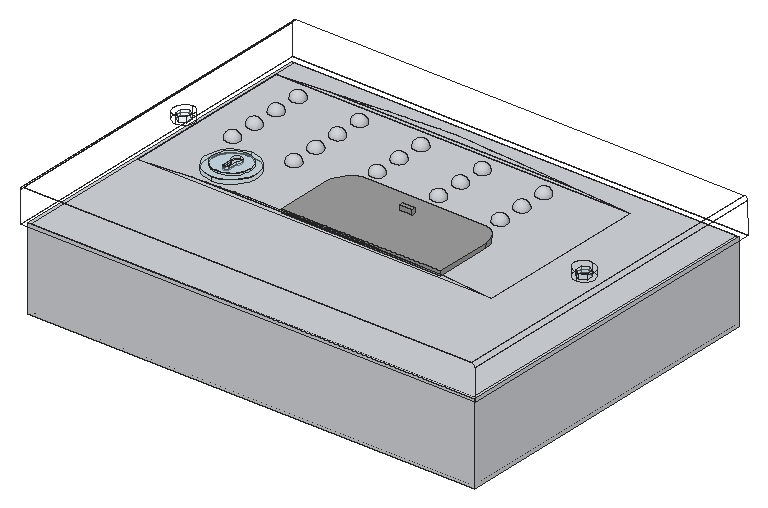
Revit family "Maxlogic Блок индикации системы пожаротушения", category Fire Alarm Devices, host Face, Revit 2021
Family settings
  Host = Face
  Maintain Annotation Orientation = Yes
  Round Connector Dimension = Use Diameter
  Part Type = Normal
  OmniClass Number = 23.85.30.21
  OmniClass Title = Environmental Detection/Registration
  Cut with Voids When Loaded = No
  Shared = No
  Room Calculation Point = No
Parameters (values of type "Maxlogic Блок индикации системы пожаротушения, вкл. Ключ управления режимами и ручной пуск")
  Вес = "(~) 500 гр."
  Монтажный короб для установки извещателя с поверхностной прокладкой кабеля = ""
  Гарантийный срок = "Года"
  Гарантийный срок запчастей = "2"
  Гарантия срока службы = "2"
  Версия = ""
  URL = "https://www.mavili.com.tr/"
  Монтажный комплект для установки извещателя в подвесной потолок = ""
  Номер позы общественных работ = ""
  Класс защиты = ""
  Код продукта = "ML-3313"
  Номер телефона = "(+)90 216 466 45 05"
  Рабочее напряжение (по умолчанию) = "24 В Пост. ток"
  Диапазон рабочего напряжения = ""
  Рабочая Температура = "(-10°C) - (+55°C)"
  Номинальная глубина = "58 мм"
  Номинальная ширина = "200 мм"
  Номинальная высота = "150 мм"
  Монтажная поверхность = "Настенная"
  Монтажная высота = ""
  Model = "MaxLogic"
  Manufacturer = "Mavili Elektronik Ticaret A.Ş."
  Инструкция по установке = "https://mavilielektronik.com/Revit/ML3313.pdf"
  Выход индикации = ""
  Номер факса = "(+)90 216 466 45 10"
  Резервное питание = ""
  Почта = "mavili@mavili.com.tr"
  Отказ = ""
  Настройка адреса устройства = ""
  Description = "Maxlogic Блок индикации системы пожаротушения, вкл. Ключ управления режимами и ручной пуск"
  Default Elevation = 0 mm
  Потребление тока = ""
  Валюта = ""
  Cost = 0
  Совместимые базы для монтажа = ""
  Цвет = "Белый"
  Производительность кода = "EN 54-2"
  Главный Материал = "Серый металлический"
  Вторичный материал = "Белый пластмассовый ABS"
  Аккумулятор = ""
  Адрес №1 = "Şerifali Mahallesi Kutup Sokak No:27/1-2-4 Ümraniye TR-34775 İSTANBUL"
Reference planes
  plane 1 "Center (Front/Back)": y = 0
  plane 2: z = 0
  plane 3 "Center (Left/Right)": x = 0
Forms (mm)
  Extrusion 1, solid, material "Mavili elektronik 1.renk"
    sketch origin (0, 0, 0) x (1, 0, 0) y (0, 0, 1)
      loop
        arc (-97.1, 1.1) -> (-96.778, 0.322) -> (-96, 0) r 1.1
        line (-96, 0) -> (96, 0)
        arc (96, 0) -> (96.778, 0.322) -> (97.1, 1.1) r 1.1
        line (97.1, 1.1) -> (97.1, 35.6) -> (100, 35.6) -> (100, 49.242)
        arc (100, 49.242) -> (99.558, 50.309) -> (98.492, 50.75) r 1.508
        arc (98.492, 50.75) -> (0, 55.613) -> (-98.492, 50.75) r 1000
        arc (-98.492, 50.75) -> (-99.558, 50.309) -> (-100, 49.242) r 1.508
        line (-100, 49.242) -> (-100, 35.6) -> (-97.1, 35.6) -> (-97.1, 1.1)
    from 0 to 150
  Extrusion 2, void
    sketch origin (0, 0, 0) x (0, 1, 0) y (0, 0, 1)
      loop
        line (-37, 52.578) -> (-37, 54.113)
        arc (-37, 54.113) -> (-36.561, 55.173) -> (-35.5, 55.613) r 1.5
        line (-35.5, 55.613) -> (-114.5, 55.613)
        arc (-114.5, 55.613) -> (-113.439, 55.173) -> (-113, 54.113) r 1.5
        line (-113, 54.113) -> (-113, 52.578) -> (-37, 52.578)
    from -96 to 100
  Extrusion 3, void
    sketch origin (0, 0, 0) x (0, 1, 0) y (0, 0, 1)
      loop
        arc (-146, 0) -> (-146.778, 0.322) -> (-147.1, 1.1) r 1.1
        line (-147.1, 1.1) -> (-147.1, 35.6) -> (-150, 35.6) -> (-150, 0) -> (-146, 0)
      loop
        line (-4, 0) -> (0, 0) -> (0, 35.6) -> (-2.9, 35.6) -> (-2.9, 1.1)
        arc (-2.9, 1.1) -> (-3.222, 0.322) -> (-4, 0) r 1.1
    from -101.642 to 103.919
  Extrusion 4, void
    sketch origin (0, 0, 0) x (1, 0, 0) y (0, 1, 0)
      loop
        circle (-87.994, -75.02) r 4.52
      loop
        circle (88.008, -75.001) r 4.501
    from 48.237 to 52.578
  Extrusion 5, solid, material "MAVİLİ GÜMÜŞ"
    sketch origin (0, 0, 48.237) x (1, 0, 0) y (0, 1, 0)
      loop
        line (-87.994, -72.143) -> (-90.488, -73.582) -> (-90.488, -76.461) -> (-87.994, -77.9) -> (-85.501, -76.461) -> (-85.501, -73.582) -> (-87.994, -72.143)
      loop
        line (88.008, -72.143) -> (85.515, -73.582) -> (85.515, -76.461) -> (88.008, -77.9) -> (90.501, -76.461) -> (90.501, -73.582) -> (88.008, -72.143)
    from 0 to 2.498
  Revolve 6, solid
    sketch origin (0, -37, 52.578) x (0, -1, 0) y (1, 0, 0)
      loop
        arc (11.002, -61.992) -> (8.002, -58.992) -> (5.002, -61.992) r 3
        line (5.002, -61.992) -> (11.002, -61.992)
      axis (5.002, -61.992) -> (11.002, -61.992)
    angle from 5 to -180
  Revolve 7, solid
    sketch origin (0, -49, 52.578) x (0, -1, 0) y (1, 0, 0)
      loop
        arc (11.002, -61.992) -> (8.002, -58.992) -> (5.002, -61.992) r 3
        line (5.002, -61.992) -> (11.002, -61.992)
      axis (5.002, -61.992) -> (11.002, -61.992)
    angle from 5 to -180
  Revolve 8, solid
    sketch origin (0, -61, 52.578) x (0, -1, 0) y (1, 0, 0)
      loop
        arc (11.002, -61.992) -> (8.002, -58.992) -> (5.002, -61.992) r 3
        line (5.002, -61.992) -> (11.002, -61.992)
      axis (5.002, -61.992) -> (11.002, -61.992)
    angle from 5 to -180
  Revolve 9, solid
    sketch origin (0, -73, 52.578) x (0, -1, 0) y (1, 0, 0)
      loop
        arc (11.002, -61.992) -> (8.002, -58.992) -> (5.002, -61.992) r 3
        line (5.002, -61.992) -> (11.002, -61.992)
      axis (5.002, -61.992) -> (11.002, -61.992)
    angle from 5 to -180
  Revolve 10, solid
    sketch origin (27, -61, 52.578) x (0, -1, 0) y (1, 0, 0)
      loop
        arc (11.002, -61.992) -> (8.002, -58.992) -> (5.002, -61.992) r 3
        line (5.002, -61.992) -> (11.002, -61.992)
      axis (5.002, -61.992) -> (11.002, -61.992)
    angle from 5 to -180
  Revolve 11, solid
    sketch origin (27, -73, 52.578) x (0, -1, 0) y (1, 0, 0)
      loop
        arc (11.002, -61.992) -> (8.002, -58.992) -> (5.002, -61.992) r 3
        line (5.002, -61.992) -> (11.002, -61.992)
      axis (5.002, -61.992) -> (11.002, -61.992)
    angle from 5 to -180
  Revolve 12, solid
    sketch origin (27, -37, 52.578) x (0, -1, 0) y (1, 0, 0)
      loop
        arc (11.002, -61.992) -> (8.002, -58.992) -> (5.002, -61.992) r 3
        line (5.002, -61.992) -> (11.002, -61.992)
      axis (5.002, -61.992) -> (11.002, -61.992)
    angle from 5 to -180
  Revolve 13, solid
    sketch origin (27, -49, 52.578) x (0, -1, 0) y (1, 0, 0)
      loop
        arc (11.002, -61.992) -> (8.002, -58.992) -> (5.002, -61.992) r 3
        line (5.002, -61.992) -> (11.002, -61.992)
      axis (5.002, -61.992) -> (11.002, -61.992)
    angle from 5 to -180
  Revolve 14, solid
    sketch origin (54, -37, 52.578) x (0, -1, 0) y (1, 0, 0)
      loop
        arc (11.002, -61.992) -> (8.002, -58.992) -> (5.002, -61.992) r 3
        line (5.002, -61.992) -> (11.002, -61.992)
      axis (5.002, -61.992) -> (11.002, -61.992)
    angle from 5 to -180
  Revolve 15, solid
    sketch origin (54, -49, 52.578) x (0, -1, 0) y (1, 0, 0)
      loop
        arc (11.002, -61.992) -> (8.002, -58.992) -> (5.002, -61.992) r 3
        line (5.002, -61.992) -> (11.002, -61.992)
      axis (5.002, -61.992) -> (11.002, -61.992)
    angle from 5 to -180
  Revolve 16, solid
    sketch origin (81, -37, 52.578) x (0, -1, 0) y (1, 0, 0)
      loop
        arc (11.002, -61.992) -> (8.002, -58.992) -> (5.002, -61.992) r 3
        line (5.002, -61.992) -> (11.002, -61.992)
      axis (5.002, -61.992) -> (11.002, -61.992)
    angle from 5 to -180
  Revolve 17, solid
    sketch origin (81, -49, 52.578) x (0, -1, 0) y (1, 0, 0)
      loop
        arc (11.002, -61.992) -> (8.002, -58.992) -> (5.002, -61.992) r 3
        line (5.002, -61.992) -> (11.002, -61.992)
      axis (5.002, -61.992) -> (11.002, -61.992)
    angle from 5 to -180
  Revolve 18, solid
    sketch origin (108, -37, 52.578) x (0, -1, 0) y (1, 0, 0)
      loop
        arc (11.002, -61.992) -> (8.002, -58.992) -> (5.002, -61.992) r 3
        line (5.002, -61.992) -> (11.002, -61.992)
      axis (5.002, -61.992) -> (11.002, -61.992)
    angle from 5 to -180
  Revolve 19, solid
    sketch origin (108, -49, 52.578) x (0, -1, 0) y (1, 0, 0)
      loop
        arc (11.002, -61.992) -> (8.002, -58.992) -> (5.002, -61.992) r 3
        line (5.002, -61.992) -> (11.002, -61.992)
      axis (5.002, -61.992) -> (11.002, -61.992)
    angle from 5 to -180
  Revolve 20, solid
    sketch origin (54, -61, 52.578) x (0, -1, 0) y (1, 0, 0)
      loop
        arc (11.002, -61.992) -> (8.002, -58.992) -> (5.002, -61.992) r 3
        line (5.002, -61.992) -> (11.002, -61.992)
      axis (5.002, -61.992) -> (11.002, -61.992)
    angle from 5 to -180
  Revolve 21, solid
    sketch origin (81, -61, 52.578) x (0, -1, 0) y (1, 0, 0)
      loop
        arc (11.002, -61.992) -> (8.002, -58.992) -> (5.002, -61.992) r 3
        line (5.002, -61.992) -> (11.002, -61.992)
      axis (5.002, -61.992) -> (11.002, -61.992)
    angle from 5 to -180
  Revolve 22, solid
    sketch origin (108, -61, 52.578) x (0, -1, 0) y (1, 0, 0)
      loop
        arc (11.002, -61.992) -> (8.002, -58.992) -> (5.002, -61.992) r 3
        line (5.002, -61.992) -> (11.002, -61.992)
      axis (5.002, -61.992) -> (11.002, -61.992)
    angle from 5 to -180
  Extrusion 23, solid, material "MAVİLİ SARI"
    sketch origin (0, -37, 52.578) x (0, -1, 0) y (1, 0, 0)
      loop
        line (74.252, -15.992) -> (74.252, 54.008) -> (49.752, 54.008)
        arc (49.752, 54.008) -> (42.681, 51.079) -> (39.752, 44.008) r 10
        line (39.752, 44.008) -> (39.752, -5.992)
        arc (39.752, -5.992) -> (42.681, -13.063) -> (49.752, -15.992) r 10
        line (49.752, -15.992) -> (74.252, -15.992)
    from 0 to 1.874
  Extrusion 24, void
    sketch origin (54.008, -86.752, 52.578) x (0, 1, 0) y (0, 0, -1)
      loop
        line (3.775, -1.188) -> (10, -1.188) -> (10, 0) -> (3.775, 0) -> (3.775, -1.188)
    from 0 to 70
  Extrusion 25, solid, material "MAVİLİ SARI"
    sketch origin (0, -37, 54.453) x (0, -1, 0) y (1, 0, 0)
      loop
        line (48.063, 21.661) -> (48.063, 16.356) -> (49.752, 16.356) -> (49.752, 21.661) -> (48.063, 21.661)
    from 1.928 to -0.687
  Extrusion 26, solid, material "MAVİLİ GÜMÜŞ"
    sketch origin (0, -37, 52.578) x (0, -1, 0) y (1, 0, 0)
      loop
        circle (61.002, -48.492) r 11
    from 0 to 1.874
  Extrusion 27, solid, material "MAVİLİ GÜMÜŞ"
    sketch origin (0, -37, 54.453) x (0, -1, 0) y (1, 0, 0)
      loop
        circle (61.002, -48.492) r 8.113
    from 0 to 0.985
  Extrusion 28, void
    sketch origin (0, -37, 55.438) x (1, 0, 0) y (0, -1, 0)
      loop
        arc (-48.492, 56.006) -> (-46.475, 57.511) -> (-47.343, 59.872) r 2.104
        line (-47.343, 59.872) -> (-47.343, 64.099)
        arc (-47.343, 64.099) -> (-47.68, 64.912) -> (-48.492, 65.248) r 1.149
        arc (-48.492, 65.248) -> (-49.304, 64.912) -> (-49.641, 64.099) r 1.149
        line (-49.641, 64.099) -> (-49.641, 59.872)
        arc (-49.641, 59.872) -> (-50.508, 57.511) -> (-48.492, 56.006) r 2.104
    from 0 to 1.579
  Extrusion 29, solid
    sketch origin (0, -37, 55.438) x (0, -1, 0) y (1, 0, 0)
      loop
        line (-34.395, -98.609) -> (110.608, -98.609) -> (110.608, 97.9) -> (-34.395, 97.9) -> (-34.395, -98.609)
    from -55.438 to -19.838
Cuts and joins
  Extrusion 2, Extrusion 3, Extrusion 4, Extrusion 24, Extrusion 28 cuts Extrusion 1
  Extrusion 24 cuts Revolve 9
  Extrusion 24 cuts Revolve 11
  Extrusion 24 cuts Extrusion 23
  Extrusion 28 cuts Extrusion 26
  Extrusion 28 cuts Extrusion 27
Dimensions and locks
  cut or joined group of Extrusion 1, Extrusion 2, Extrusion 3, Extrusion 4, Extrusion 24, Extrusion 28 to cut or joined group of Extrusion 1, Extrusion 2, Extrusion 3, Extrusion 4, Extrusion 24, Extrusion 28 = 200 mm
  cut or joined group of Extrusion 1, Extrusion 2, Extrusion 3, Extrusion 4, Extrusion 24, Extrusion 28 to cut or joined group of Extrusion 1, Extrusion 2, Extrusion 3, Extrusion 4, Extrusion 24, Extrusion 28 = 150 mm
  aligned and locked: plane 2 to host face
  aligned and locked: level to host face
